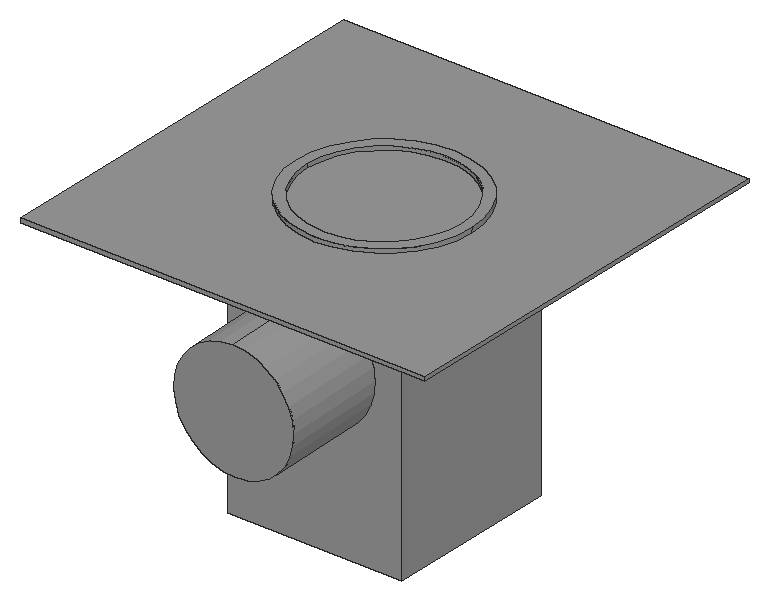
Revit family "RS521.80", category Sanitärinstallationen, Revit 2020
Family settings
  Bemaßung runder Anschluss = Durchmesser verwenden
  Teiletyp = Normal
  Arbeitsebenenbasiert = Nein
  Immer vertikal = Ja
  Beim Laden mit Abzugskörper schneiden = Nein
  Gemeinsam genutzt = Nein
  Raumberechnungspunkt = Nein
Parameters
  Übergangsbride [instance] = yes
  Zapfen RS518 [instance] = yes
  Vorgabe-Ansicht = 0 mm
  URL = "https://www.resitec.ch/"
  RS_s001 = 3 mm
  RS_dimH-mountplate [instance] = 10 mm
  RS_dimH-Rost [instance] = RS_Rost_h1 - 31 mm  # 69 mm
  RS_dim001 = 75 mm
  RS_dim002 = 125 mm
  RS_dim003 = RS_dim001 + 5 mm  # 80 mm
  RS_dia002 = 130 mm
  RS_dia001 = 114.3 mm
  RS_DVol-T = 300 mm
  RS_DVol-L = 300 mm
  RS_DN2 = 0 mm
  RS_DN1d [instance] = 88.9 mm
  RS_DN1 [instance] = 80 mm
  RS_AVol-T = 129 mm
  RS_AVol-L = 129 mm
  RS_AVol-H = 200 mm
  RS_URL = "https://www.resitec.ch/entwaesserungstechnik/"
  RS_Rost_h1 [instance] = 100 mm
  RS_Rost_Typ [instance] = "RS511.2.145"
  RS_Manufacture = "Resitec"  # constant formula
  RS_Description [instance] = "Bodenablauf aus rostfreiem Stahl 1.4404 (V4A)\r\ngebeizt, Typ RS 220/60 mit Schlitzrost barfuss\r\nbegehbar."
  RS_Articelnumber [instance] = "RD521.60"
  RS_Add_1 [instance] = ""
  RS641 Dichtung [instance] = yes
  Klebeblech mit Epoxidgrundierung = yes
  Hersteller = RS_Manufacture  # "Resitec"
  Description = ""
  Baugruppenkennzeichen = "D2030300"
  Anschlusswert DU L/s = 0
Reference planes
  plane 1 "Mitte (Vorne/hinten)": y = 0
  plane 2: z = 0
  plane 3 "Mitte (Links/rechts)": x = 0
  plane 4: z = 100
  plane 5: z = -200
  plane 6: z = 10
  plane 7: x = 150
  plane 8: y = 150
  plane 9: x = -150
  plane 10: y = -150
  plane 11: y = 64.5
  plane 12: x = 64.5
  plane 13: x = -64.5
  plane 14: y = -64.5
  plane 15: z = -75
  plane 16: y = -139.5
  plane 17: through (4267.2, -139.945, -58.012) normal (0, 0.9997, 0.0262)
  plane 18: z = 6
  plane 19: z = 86.968
  plane 20: z = 3
  plane 21: z = 69
Forms (mm)
  Extrusion 1, solid, material "Kautschuk", visible <- "RS641 Dichtung"
    sketch origin (0, 0, 0) x (1, 0, 0) y (0, 1, 0)
      loop
        circle (0, 0) r 65
      loop
        circle (0, 0) r 57.15
    from 3 to 6
  Extrusion 2, solid, material "Stahl, unlegiert"
    sketch origin (0, 0, 0) x (1, 0, 0) y (0, 1, 0)
      loop
        line (-64.5, 64.5) -> (-64.5, -64.5) -> (64.5, -64.5) -> (64.5, 64.5) -> (-64.5, 64.5)
    from -200 to 0
  Extrusion 3, solid, material "Stahl, unlegiert"
    sketch origin (4267.2, -139.461, -76.495) x (0, -0.026177, 0.999657) y (1, 0, 0)
      loop
        circle (-0.6, -4267.2) r 44.45
    from 0 to 80
  Extrusion 4, solid, material "Stahl, unlegiert"
    sketch origin (0, 0, 0) x (1, 0, 0) y (0, 1, 0)
      loop
        line (-150, 150) -> (-150, -150) -> (150, -150) -> (150, 150) -> (-150, 150)
      loop
        circle (0, 0) r 64.5
    from 0 to 3
Lines and regions (mm)
  reference lines
    curve 1: line (-60, 0, 0) -> (60, 0, 0)
    curve 2: line (0, 60, 0) -> (0, -60, 0)
    curve 3: line (-55.15, 0, 0) -> (55.15, 0, 0)
    curve 4: line (0, 55.15, 0) -> (0, -55.15, 0)
    curve 5: line (-70.5, 0, 0) -> (70.5, 0, 0)
    curve 6: line (0, -70.5, 0) -> (0, 70.5, 0)
Dimensions and locks
  "RS_Rost_h1": plane 4 to level
  equal spacing: Extrusion 1, Extrusion 1, level
  "RS_AVol-H": level to plane 5
  "RS_dimH-mountplate": plane 6 to level
  equal spacing: plane 8, plane 1 "Mitte (Vorne/hinten)", plane 10
  equal spacing: plane 9, plane 3 "Mitte (Links/rechts)", plane 7
  "RS_DVol-T": plane 8 to plane 10
  "RS_DVol-L": plane 9 to plane 7
  equal spacing: plane 13, plane 3 "Mitte (Links/rechts)", plane 12
  "RS_AVol-L": plane 13 to plane 12
  equal spacing: plane 11, plane 1 "Mitte (Vorne/hinten)", plane 14
  "RS_AVol-T": plane 11 to plane 14
  plane 1 "Mitte (Vorne/hinten)" to Extrusion 2 = 64.5 mm
  "RS_dim001": plane 16 to plane 14
  "RS_dim002": plane 15 to plane 5
  "RS_dim003": Extrusion 3 to plane 17
  plane 4 to plane 19 = 13.032 mm
  locked: plane 4 to plane 19 at 13.032
  "RS_s001": plane 20 to level
  "RS_dimH-Rost": plane 21 to level
  diameter of Extrusion 1 = 130 mm
  "RS_DN1d": diameter of Extrusion 3 sketch curve
  "RS_dia002": diameter of Extrusion 1 sketch curve
  "RS_dia001": diameter of Extrusion 1 sketch curve
  angle plane 16 to plane 17 = 1.50°
  angle plane 17 to plane 10 = 1.50°
  aligned and locked: level to plane 2
  aligned and locked: Extrusion 2 sketch curve to plane 11
  aligned and locked: Extrusion 2 sketch curve to plane 12
  aligned and locked: plane 13 to Extrusion 2 sketch curve
  aligned and locked: plane 14 to Extrusion 2 sketch curve
  aligned and locked: Extrusion 2 to plane 5
  aligned and locked: level to Extrusion 2
  aligned and locked: plane 2 to Extrusion 2
  aligned and locked: plane 18 to Extrusion 1
Automatic sketch dimensions
  plane 1 "Mitte (Vorne/hinten)" to curve 5 = 0 mm
  plane 1 "Mitte (Vorne/hinten)" to curve 1 = 0 mm
  plane 1 "Mitte (Vorne/hinten)" to curve 3 = 0 mm
  curve 2 to plane 3 "Mitte (Links/rechts)" = 0 mm
  curve 6 to plane 3 "Mitte (Links/rechts)" = 0 mm
  curve 4 to plane 3 "Mitte (Links/rechts)" = 0 mm
  curve 3 to plane 3 "Mitte (Links/rechts)" = 55.15 mm
  curve 1 to curve 3 = 4.85 mm
  curve 5 to curve 1 = 10.5 mm
  plane 3 "Mitte (Links/rechts)" to curve 3 = 55.15 mm
  curve 3 to curve 1 = 4.85 mm
  curve 1 to curve 5 = 10.5 mm
  plane 1 "Mitte (Vorne/hinten)" to curve 4 = 55.15 mm
  curve 2 to curve 4 = 4.85 mm
  curve 6 to curve 2 = 10.5 mm
  curve 4 to plane 1 "Mitte (Vorne/hinten)" = 55.15 mm
  curve 4 to curve 2 = 4.85 mm
  curve 2 to curve 6 = 10.5 mm
  Extrusion 4 sketch curve to plane 9 = 0 mm
  plane 1 "Mitte (Vorne/hinten)" to Extrusion 4 sketch curve = 0 mm
  Extrusion 4 sketch curve to plane 3 "Mitte (Links/rechts)" = 0 mm
  Extrusion 4 sketch curve to plane 7 = 0 mm
  Extrusion 4 sketch curve to plane 10 = 0 mm
  Extrusion 4 sketch curve to plane 8 = 0 mm
  Extrusion 1 sketch curve to Extrusion 1 sketch curve = 0 mm  (x2)
  plane 1 "Mitte (Vorne/hinten)" to Extrusion 1 sketch curve = 0 mm
  Extrusion 1 sketch curve to plane 3 "Mitte (Links/rechts)" = 0 mm
  Extrusion 3 sketch curve to plane 3 "Mitte (Links/rechts)" = 0 mm
  radius of Extrusion 4 sketch curve = 64.5 mm
Connectors
  piping at (0, -139.445, -77.094), diameter 80, driven by "RS_DN1"
    settings: on Extrusion 3, index 1, connector inside diameter 609.6 mm, connector length 0 mm, flow factor 0, pipe flow 0.0 L/s, pressure drop 0.0 Pa, fitting loss kfactor 0, connector angle 0.00°, fixture units 0, engagement length 0 mm, angle of deflection 0.00°, flow configuration 0, flow direction 2, fitting loss method 0, system type 16, joint type 0, gender type 0, connector reference index -1, connector utility 0, adjustable connector no, is connector primary yes, connector description ""
